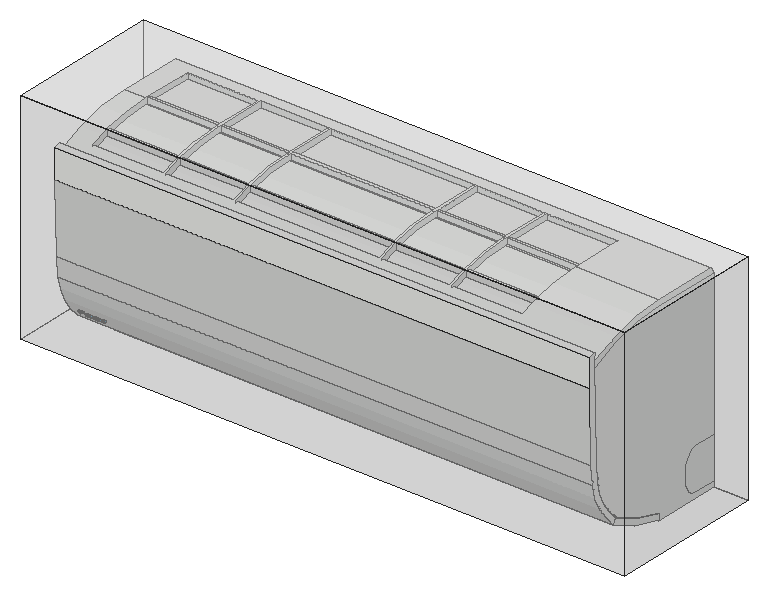
Revit family "outputfile", category 機械設備, Revit 2024
Family settings
  丸型コネクタ寸法 = 半径を使用
  パーツ タイプ = 標準
  OmniClass 番号 = 23.75.10.24.21.27.27
  OmniClass タイトル = Split System Air Conditioning Units
  作業面ベース = いいえ
  常に垂直 = はい
  ロード時にボイドで切り取り = いいえ
  注釈の向きを維持 = いいえ
  共有 = いいえ
  部屋計算ポイント = いいえ
Parameters (values of type "CTXM25RVMV")
  Description = ""
  書き出し IFC クラス(タイプ) = "IfcUnitaryEquipmentType"
  定義済み IFC タイプ(タイプ) = "AIRCONDITIONINGUNIT"
  Cost = 0
  Type Comments = ""
  Keynote = ""
  Type Image = (empty or 0)
  Assembly Code = ""
  w_wall hole = if(Width = 770.0 mm, 48.0 mm, 60.0 mm)  # 48.0 mm
  製造元 = "Daikin"
  モデル = "CTXM25RVMV"
  switch_frequency = yes
  r_Liquid Pipe Size = Liquid Pipe Size / 2  # 3.2 mm
  r_Gas Pipe Size = Gas Pipe Size / 2  # 4.75 mm
  r_Drain Pipe Size = Drain Pipe Size / 2  # 8.0 mm
  lw_powersupply [instance] = if(Width = 770.0 mm, if(or(Rear Right Connection_refrigerant, Bottom Right Connection_refrigerant), 25.0 mm, if(or(Rear Left Connection_refrigerant, Bottom Left Connection_refrigerant), 745.0 mm, 400.0 mm)), if(Width = 990.0 mm, if(or(Rear Right Connection_refrigerant, Bottom Right Connection_refrigerant), 40.0 mm, if(or(Rear Left Connection_refrigerant, Bottom Left Connection_refrigerant), 920.0 mm, 400.0 mm)), if(or(Rear Right Connection_refrigerant, Bottom Right Connection_refrigerant), 40.0 mm, if(or(Rear Left Connection_refrigerant, Bottom Left Connection_refrigerant), 920.0 mm, 400.0 mm))))  # 400.0 mm
  lw_liquidpipe [instance] = if(Width = 770.0 mm, if(or(Rear Right Connection_refrigerant, Bottom Right Connection_refrigerant), 0.0 mm, if(or(Rear Left Connection_refrigerant, Bottom Left Connection_refrigerant), 664.0 mm, 385.0 mm)), if(Width = 990.0 mm, if(or(Rear Right Connection_refrigerant, Bottom Right Connection_refrigerant), 0.0 mm, if(or(Rear Left Connection_refrigerant, Bottom Left Connection_refrigerant), 664.0 mm + (990.0 mm - 770.0 mm), 475.0 mm)), if(or(Rear Right Connection_refrigerant, Bottom Right Connection_refrigerant), 0.0 mm, if(or(Rear Left Connection_refrigerant, Bottom Left Connection_refrigerant), 664.0 mm + (990.0 mm - 770.0 mm), 475.0 mm))))  # 385.0 mm
  lw_gaspipe [instance] = if(Width = 770.0 mm, if(or(Rear Right Connection_refrigerant, Bottom Right Connection_refrigerant), 0.0 mm, if(or(Rear Left Connection_refrigerant, Bottom Left Connection_refrigerant), 675.0 mm, if(Gas Pipe Size = 12.7 mm, 345.0 mm, 335.0 mm))), if(Width = 990.0 mm, if(or(Rear Right Connection_refrigerant, Bottom Right Connection_refrigerant), 10.0 mm, if(or(Rear Left Connection_refrigerant, Bottom Left Connection_refrigerant), 890.0 mm, if(Gas Pipe Size = 15.9 mm, 410.0 mm, 400.0 mm))), if(or(Rear Right Connection_refrigerant, Bottom Right Connection_refrigerant), 10.0 mm, if(or(Rear Left Connection_refrigerant, Bottom Left Connection_refrigerant), 890.0 mm, if(Gas Pipe Size = 15.9 mm, 410.0 mm, 400.0 mm)))))  # 335.0 mm
  lw_drainpipe [instance] = if(Width = 770.0 mm, if(or(Rear Right Connection_refrigerant, Bottom Right Connection_refrigerant), 0.0 mm, if(or(Rear Left Connection_refrigerant, Bottom Left Connection_refrigerant), 770.0 mm - 48.0 mm - 48.0 mm, 440.0 mm)), if(Width = 990.0 mm, if(or(Rear Right Connection_refrigerant, Bottom Right Connection_refrigerant), 0.0 mm, if(or(Rear Left Connection_refrigerant, Bottom Left Connection_refrigerant), 675.0 mm + (990.0 mm - 770.0 mm), 435.0 mm)), if(or(Rear Right Connection_refrigerant, Bottom Right Connection_refrigerant), 0.0 mm, if(or(Rear Left Connection_refrigerant, Bottom Left Connection_refrigerant), 675.0 mm + (990.0 mm - 770.0 mm), 435.0 mm))))  # 440.0 mm
  l_powersupply_length [instance] = if(Width = 770.0 mm, if(Right Connection_refrigerant, 400.0 mm, if(Left Connection_refrigerant, 770.0 mm - 400.0 mm, if(or(Rear Left Connection_refrigerant, Rear Right Connection_refrigerant), 15.0 mm, 50.0 mm))), if(Width = 990.0 mm, if(Right Connection_refrigerant, 400.0 mm, if(Left Connection_refrigerant, 990.0 mm - 400.0 mm, if(or(Rear Left Connection_refrigerant, Rear Right Connection_refrigerant), 15.0 mm, 50.0 mm))), if(Right Connection_refrigerant, 400.0 mm, if(Left Connection_refrigerant, 990.0 mm - 400.0 mm, if(or(Rear Left Connection_refrigerant, Rear Right Connection_refrigerant), 15.0 mm, 50.0 mm)))))  # 400.0 mm
  l_liquidpipe_length [instance] = if(Width = 770.0 mm, if(Right Connection_refrigerant, 433.0 mm, if(Left Connection_refrigerant, 337.0 mm, if(or(Rear Left Connection_refrigerant, Rear Right Connection_refrigerant), 30.0 mm, 40.0 mm))), if(Width = 990.0 mm, if(Right Connection_refrigerant, 535.0 mm, if(Left Connection_refrigerant, 455.0 mm, if(or(Rear Left Connection_refrigerant, Rear Right Connection_refrigerant), 30.0 mm, 40.0 mm))), if(Right Connection_refrigerant, 535.0 mm, if(Left Connection_refrigerant, 455.0 mm, if(or(Rear Left Connection_refrigerant, Rear Right Connection_refrigerant), 30.0 mm, 40.0 mm)))))  # 433.0 mm
  l_gaspipe_length [instance] = if(Width = 770.0 mm, if(Right Connection_refrigerant, if(Gas Pipe Size = 12.7 mm, 393.0 mm, 383.0 mm), if(Left Connection_refrigerant, if(Gas Pipe Size = 12.7 mm, 770.0 mm - 393.0 mm, 770.0 mm - 383.0 mm), if(or(Rear Left Connection_refrigerant, Rear Right Connection_refrigerant), 40.0 mm, 50.0 mm))), if(Width = 990.0 mm, if(Right Connection_refrigerant, if(Gas Pipe Size = 15.9 mm, 470.0 mm, 460.0 mm), if(Left Connection_refrigerant, if(Gas Pipe Size = 15.9 mm, 990.0 mm - 470.0 mm, 990.0 mm - 460.0 mm), if(or(Rear Left Connection_refrigerant, Rear Right Connection_refrigerant), 40.0 mm, 50.0 mm))), if(Right Connection_refrigerant, if(Gas Pipe Size = 15.9 mm, 470.0 mm, 460.0 mm), if(Left Connection_refrigerant, if(Gas Pipe Size = 15.9 mm, 990.0 mm - 470.0 mm, 990.0 mm - 460.0 mm), if(or(Rear Left Connection_refrigerant, Rear Right Connection_refrigerant), 40.0 mm, 50.0 mm)))))  # 383.0 mm
  l_drainpipe_length [instance] = if(Width = 770.0 mm, if(Right Connection_refrigerant, 488.0 mm, if(Left Connection_refrigerant, 282.0 mm, if(or(Rear Left Connection_refrigerant, Rear Right Connection_refrigerant), 15.0 mm, 20.0 mm))), if(Width = 990.0 mm, if(Right Connection_refrigerant, 495.0 mm, if(Left Connection_refrigerant, 495.0 mm, if(or(Rear Left Connection_refrigerant, Rear Right Connection_refrigerant), 15.0 mm, 20.0 mm))), if(Right Connection_refrigerant, 495.0 mm, if(Left Connection_refrigerant, 495.0 mm, if(or(Rear Left Connection_refrigerant, Rear Right Connection_refrigerant), 15.0 mm, 20.0 mm)))))  # 488.0 mm
  h*** = 0.0 mm  # constant formula
  connector_voltage = Voltage_50Hz  # 230 V
  connector_powerinput = if([Power Input (Cooling)] > [Power Input (Heating)], [Power Input (Cooling)], [Power Input (Heating)])  # 0.000 kW
  connector_phase = Phase_50Hz  # 1
  angle_vertical [instance] = if(or(Bottom Left Connection_refrigerant, Bottom Right Connection_refrigerant), 0.00°, 90.00°)  # 90.00°
  angle_horizontal [instance] = if(Right Connection_refrigerant, 90.00°, if(Left Connection_refrigerant, -90.00°, if(or(Rear Left Connection_refrigerant, Rear Right Connection_refrigerant), 180.00°, 0.00°)))  # 90.00°
  Width = 770.0 mm
  Voltage_comment_50Hz = "220 - 240"
  Voltage_50Hz = 230 V
  Version = "ver.1.0"
  Unit Type = "Wall Mounted"
  Unit Mass Weight = 9.00 kg
  Unit Designation [instance] = ""
  Uniclass2015Version = "Products v1.30"
  Uniclass2015Title = "Split coil room air conditioning units"
  Uniclass2015Code = "Pr_70_65_03_86"
  URL = ""
  Total Heating Capacity [instance] = 0.000 kW
  Total Cooling Capacity [instance] = 0.000 kW
  Sound Pressure Level_M speed (dBA) = 32
  Sound Pressure Level_L speed (dBA) = 25
  Sound Pressure Level_H speed (dBA) = 40
  Sound Power Level_H speed (dB) = 0
  Series = "Multi Split_Fan Coil Unit"
  Sensible Cooling Capacity [instance] = 0.000 kW
  Refrigerant Type = "R32"
  Power Input (Heating) = 0.000 kW
  Power Input (Cooling) = 0.000 kW
  Phase_50Hz = 1
  Option Accessory 3 [instance] = ""
  Option Accessory 2 [instance] = ""
  Option Accessory 1 [instance] = ""
  Nominal Heating Capacity = 3.400 kW
  Nominal Cooling Capacity = 2.500 kW
  Minimum Circuit Amps_50Hz = 0.0 A
  Minimum Airflow = 342.00 m³/h
  Median Airflow = 432.00 m³/h
  Maximum Fuse Amps_50Hz = 0.0 A
  Maximum Airflow = 624.00 m³/h
  Material_Casing = DAIKIN_White_Casing_indoorunit
  Load Classification = HVAC
  Liquid Pipe Size = 6.4 mm
  Link_Nested Family [instance] = ""
  IfcVersion = ""
  IfcExportType = "AIRCONDITIONINGUNIT"
  IfcExportAs = "IfcUnitaryEquipmentType"
  Height = 285.0 mm
  Heating Entering Wet Bulb Temperature [instance] = 0.00 °C
  Heating Entering Dry Bulb Temperature [instance] = 0.00 °C
  Heating Ambient Wet Bulb Temperature [instance] = 0.00 °C
  Heating Ambient Dry Bulb Temperature [instance] = 0.00 °C
  Heat Exchanger Type = "Cross Fin Coil"
  Gas Pipe Size = 9.5 mm
  Frequency_50Hz = 50 Hz
  Fan Type = "Cross Flow Fan"
  Fan Drive = "Direct Drive"
  FCU Tag No. [instance] = ""
  Drain Pipe Size = 16.0 mm
  Design Supply Airflow [instance] = 0.00 m³/h
  Depth = 223.0 mm
  既定の高さ = 0.0 mm
  Cooling Entering Wet Bulb Temperature [instance] = 0.00 °C
  Cooling Entering Dry Bulb Temperature [instance] = 0.00 °C
  Cooling Ambient Wet Bulb Temperature [instance] = 0.00 °C
  Cooling Ambient Dry Bulb Temperature [instance] = 0.00 °C
  Clearance visibility [instance] = yes
  Clearance Top = 30.0 mm
  Clearance Right = 50.0 mm
  Clearance Rear = 0.0 mm
  Clearance Left = 50.0 mm
  Clearance Front = 0.0 mm
  Clearance Bottom = 0.0 mm
  Bottom Right Connection_refrigerant [instance] = no
  Bottom Left Connection_refrigerant [instance] = no
  Rear Right Connection_refrigerant [instance] = no
  Rear Left Connection_refrigerant [instance] = no
  Right Connection_refrigerant [instance] = yes
  Left Connection_refrigerant [instance] = no
Reference planes
  plane 1 "Back": y = 0
  plane 2: z = 0
  plane 3 "Center (Left/Right)": x = 0
  plane 4 "Center (Front/Back)": y = -111.5
  plane 5 "Front": y = -223
  plane 6 "Left": x = -385
  plane 7 "Right": x = 385
  plane 8 "Top": z = 0
  plane 9 "Bottom": z = -285
  plane 10: x = -435
  plane 11: x = 435
  plane 12: y = 0
  plane 13: y = -223
  plane 14: z = 30
  plane 15: z = -285
  plane 16 "lw_Piping and Wiring intake": x = 337
  plane 17 "lw_gaspipe": x = 2
  plane 18 "lw_liquidpipe": x = -48
  plane 19 "lw_drainpipe": x = -103
  plane 20 "lh_drainpipe": z = -265
  plane 21 "lh_liquidpipe": z = -245
  plane 22 "lh_gaspipe": z = -235
  plane 23 "ld_drainpipe": y = -15
  plane 24 "ld_liquidpipe": y = -30
  plane 25 "ld_gaspipe": y = -40
  plane 26 "lw_powersupply": x = -15
Dimensions and locks
  equal spacing: plane 6 "Left", plane 3 "Center (Left/Right)", plane 7 "Right"
  "Width": plane 6 "Left" to plane 7 "Right"
  equal spacing: plane 5 "Front", plane 4 "Center (Front/Back)", plane 1 "Back"
  "Depth": plane 5 "Front" to plane 1 "Back"
  "Height": plane 8 "Top" to plane 9 "Bottom"
  "Clearance Rear": plane 12 to plane 1 "Back"
  "Clearance Front": plane 13 to plane 5 "Front"
  "Clearance Top": plane 14 to plane 8 "Top"
  "Clearance Bottom": plane 9 "Bottom" to plane 15
  "w_wall hole": plane 16 "lw_Piping and Wiring intake" to plane 7 "Right"
  "lw_gaspipe": plane 17 "lw_gaspipe" to plane 16 "lw_Piping and Wiring intake"
  "lw_liquidpipe": plane 18 "lw_liquidpipe" to plane 16 "lw_Piping and Wiring intake"
  "lw_drainpipe": plane 19 "lw_drainpipe" to plane 16 "lw_Piping and Wiring intake"
  locked: plane 20 "lh_drainpipe" to plane 9 "Bottom" at 20
  locked: plane 21 "lh_liquidpipe" to plane 9 "Bottom" at 40
  locked: plane 22 "lh_gaspipe" to plane 9 "Bottom" at 50
  locked: plane 23 "ld_drainpipe" to plane 1 "Back" at 15
  locked: plane 1 "Back" to plane 24 "ld_liquidpipe" at 30
  locked: plane 1 "Back" to plane 25 "ld_gaspipe" at 40
  "lw_powersupply": plane 26 "lw_powersupply" to plane 7 "Right"
  "Clearance Left": plane 10 to plane 6 "Left"
  "Clearance Right": plane 7 "Right" to plane 11
  aligned and locked: level to plane 2
  aligned and locked: plane 12 to nested 1
  aligned and locked: nested 1 to plane 13
  aligned and locked: plane 10 to nested 1
  aligned and locked: plane 11 to nested 1
  aligned and locked: plane 15 to nested 1
  aligned and locked: plane 14 to nested 1
  aligned and locked: plane 17 "lw_gaspipe" to nested 2
  aligned and locked: nested 2 to plane 25 "ld_gaspipe"
  aligned and locked: plane 18 "lw_liquidpipe" to nested 3
  aligned and locked: nested 3 to plane 24 "ld_liquidpipe"
  aligned and locked: plane 19 "lw_drainpipe" to nested 4
  aligned and locked: nested 4 to plane 23 "ld_drainpipe"
  aligned and locked: nested 5 to plane 23 "ld_drainpipe"
  aligned and locked: plane 26 "lw_powersupply" to nested 5
  aligned and locked: level to plane 8 "Top"
  aligned and locked: plane 3 "Center (Left/Right)" to nested 6
  aligned and locked: plane 1 "Back" to nested 6
  aligned and locked: plane 8 "Top" to nested 6
Nested families
  nested 1: "daikin_clearancespace" at (0, -111.5, -127.381), show <- "Clearance visibility", visible <- "Clearance visibility", Link_Nested Family <- "Link_Nested Family", type "daikin_clearancespace"
    with width 870.0 mm, show yes, height 315.0 mm, depth 223.0 mm, Link_Nested Family ""
  nested 2: "daikin_connector_rotate3" at (2, -40, -235), angle_vertical <- "angle_vertical", angle_horizontal <- "angle_horizontal", length <- "l_gaspipe_length", radius <- "r_Gas Pipe Size", type "daikin_connector_rotate3"
    with show no, radius 4.75 mm, length 383.0 mm, angle_vertical 90.00°, angle_horizontal 90.00°
  nested 3: "daikin_connector_rotate3" at (-48, -30, -245), angle_vertical <- "angle_vertical", angle_horizontal <- "angle_horizontal", radius <- "r_Liquid Pipe Size", length <- "l_liquidpipe_length", type "daikin_connector_rotate3"
    with show no, radius 3.2 mm, length 433.0 mm, angle_vertical 90.00°, angle_horizontal 90.00°
  nested 4: "daikin_connector_rotate3" at (-103, -15, -265), angle_vertical <- "angle_vertical", angle_horizontal <- "angle_horizontal", length <- "l_drainpipe_length", radius <- "r_Drain Pipe Size", type "daikin_connector_rotate3"
    with show no, radius 8.0 mm, length 488.0 mm, angle_vertical 90.00°, angle_horizontal 90.00°
  nested 5: "daikin_connector_rotate3" at (-15, -15, -235), angle_vertical <- "angle_vertical", angle_horizontal <- "angle_horizontal", length <- "l_powersupply_length", type "daikin_connector_rotate3"
    with show no, radius 10.0 mm, length 400.0 mm, angle_vertical 90.00°, angle_horizontal 90.00°
  nested 6: "DAIKIN_indoorunit_CTXM-RVMV" at (-31, 0, 0), type "CTXM-RVMV"
Connectors
  piping at (385, -40, -235), diameter 9.5, driven by "r_Gas Pipe Size"
    settings: on nested 2, index 1, connector inside diameter 609.6 mm, connector length 0.0 mm, flow factor 0, pipe flow 0.00 m³/h, pressure drop 0.0 Pa, fitting loss kfactor 0, connector angle 0.00°, fixture units 0, engagement length 0.0 mm, angle of deflection 0.00°, flow configuration 1, flow direction 2, fitting loss method 0, system type 29, joint type 0, gender type 0, connector reference index -1, connector utility 0, adjustable connector no, is connector primary yes, connector description "Refrigerant Gas Piping"
  piping at (385, -30, -245), diameter 6.4, driven by "r_Liquid Pipe Size"
    settings: on nested 3, index 2, connector inside diameter 609.6 mm, connector length 0.0 mm, flow factor 0, pipe flow 0.00 m³/h, pressure drop 0.0 Pa, fitting loss kfactor 0, connector angle 0.00°, fixture units 0, engagement length 0.0 mm, angle of deflection 0.00°, flow configuration 1, flow direction 1, fitting loss method 0, system type 29, joint type 0, gender type 0, connector reference index -1, connector utility 0, adjustable connector no, is connector primary no, connector description "Refrigerant Liquid Piping"
  piping at (385, -15, -265), diameter 16, driven by "r_Drain Pipe Size"
    settings: on nested 4, index 3, connector inside diameter 609.6 mm, connector length 0.0 mm, flow factor 0, pipe flow 0.00 m³/h, pressure drop 0.0 Pa, fitting loss kfactor 0, connector angle 0.00°, fixture units 0, engagement length 0.0 mm, angle of deflection 0.00°, flow configuration 1, flow direction 2, fitting loss method 4, system type 16, joint type 0, gender type 0, connector reference index -1, connector utility 0, adjustable connector no, is connector primary no, connector description "Condensate Drain Piping"
  electrical at (385, -15, -235), driven by "Load Classification", driven by "connector_voltage", driven by "connector_powerinput", driven by "connector_phase"
    settings: on nested 5, index 4, voltage 230 V, apparent load 0 VA, apparent load phase1 0 VA, apparent load phase2 0 VA, apparent load phase3 0 VA, power factor 1, load classification "HVAC", number of poles 1, system type 30, power factor state 1, is connector primary yes, connector utility no, sub classification motor no, connector description "Power Supply"
Definition of nested family "daikin_clearancespace"
  Parameters (values of type "daikin_clearancespace")
    Description = "daikin_clearancespace"
    width [instance] = 1823.963 mm
    show [instance] = yes
    material = none
    height [instance] = 1359.762 mm
    depth [instance] = 880.0 mm
    Default Elevation = 0.0 mm
    Link_Nested Family [instance] = ""
  Reference planes
    plane 1 "Center (Front/Back)": y = 0
    plane 2 "Center (Elevation)": z = -0.119
    plane 3 "Center (Left/Right)": x = 0
    plane 4: y = 440
    plane 5: y = -440
    plane 6 "Right": x = 911.982
    plane 7 "Left": x = -911.982
    plane 8 "Top": z = 679.762
    plane 9 "Bottom": z = -680
  Forms (mm)
    Extrusion 1, solid, material <- "material", visible <- "show"
      sketch origin (0, 0, 0) x (1, 0, 0) y (0, 1, 0)
        loop
          line (-911.982, 440) -> (-911.982, -440) -> (911.982, -440) -> (911.982, 440) -> (-911.982, 440)
      from -680 to 679.762
  Lines and regions (mm)
    symbolic lines, visible <- "show"
      curve 1: line (911.982, 440, 0) -> (-911.982, 440, 0)
      curve 2: line (-911.982, 440, 0) -> (-911.982, -440, 0)
      curve 3: line (-911.982, -440, 0) -> (911.982, -440, 0)
      curve 4: line (911.982, -440, 0) -> (911.982, 440, 0)
      curve 5: line (911.982, 0, 679.762) -> (-911.982, 0, 679.762)
      curve 6: line (911.982, 0, -680) -> (911.982, 0, 679.762)
      curve 7: line (-911.982, 0, -680) -> (911.982, 0, -680)
      curve 8: line (-911.982, 0, 679.762) -> (-911.982, 0, -680)
      curve 9: line (0, 440, 679.762) -> (0, -440, 679.762)
      curve 10: line (0, -440, 679.762) -> (0, -440, -680)
      curve 11: line (0, 440, -680) -> (0, 440, 679.762)
      curve 12: line (0, -440, -680) -> (0, 440, -680)
  Dimensions and locks
    "width": plane 7 "Left" to plane 6 "Right"
    "depth": plane 4 to plane 5
    "height": plane 8 "Top" to plane 9 "Bottom"
    equal spacing: plane 7 "Left", plane 3 "Center (Left/Right)", plane 6 "Right"
    equal spacing: plane 4, plane 1 "Center (Front/Back)", plane 5
    equal spacing: plane 8 "Top", plane 2 "Center (Elevation)", plane 9 "Bottom"
    aligned and locked: level to plane 2 "Center (Elevation)"
    aligned and locked: Extrusion 1 sketch curve to plane 4
    aligned and locked: plane 7 "Left" to Extrusion 1 sketch curve
    aligned and locked: Extrusion 1 sketch curve to plane 5
    aligned and locked: Extrusion 1 sketch curve to plane 6 "Right"
    aligned and locked: plane 8 "Top" to Extrusion 1
    aligned and locked: curve 1 to Extrusion 1
    aligned and locked: curve 2 to Extrusion 1
    aligned and locked: curve 3 to Extrusion 1
    aligned and locked: curve 4 to Extrusion 1
    aligned and locked: curve 5 to Extrusion 1
    aligned and locked: curve 6 to Extrusion 1
    aligned and locked: curve 7 to Extrusion 1
    aligned and locked: curve 8 to Extrusion 1
    aligned and locked: curve 9 to Extrusion 1
    aligned and locked: curve 10 to Extrusion 1
    aligned and locked: curve 11 to Extrusion 1
    aligned and locked: curve 12 to Extrusion 1
    aligned and locked: Extrusion 1 to plane 9 "Bottom"
Definition of nested family "DAIKIN_indoorunit_CTXM-RVMV"
  Parameters (values of type "CTKM-RVMV")
    switch_unit1_50-71 = Width = 990.0 mm  # no
    switch_unit1_25-35 = Width = 770.0 mm  # yes
    Width = 770.0 mm
    WALL HOLE-R = if(Width = 770.0 mm, 48.0 mm, 60.0 mm)  # 48.0 mm
    WALL HOLE Size = if(Width = 770.0 mm, 65.0 mm, 80.0 mm)  # 65.0 mm
    Material_Casing = none
    Height = if(Width = 770.0 mm, 285.0 mm, 295.0 mm)  # 285.0 mm
    Default Elevation = 0.0 mm
  Reference planes
    plane 1 "Center (Front/Back)": y = 0
    plane 2 "reference_level": z = 0
    plane 3 "Center (Left/Right)": x = 31
    plane 4: x = -354
    plane 5: x = 416
    plane 6: z = -285
  Forms (mm)
    Extrusion 1, solid, material <- "Material_Casing", visible <- "switch_unit1_25-35"
      sketch origin (29, 0, 0) x (0, 1, 0) y (0, 0, 1)
        loop
          line (-5, 0) -> (-98, 0)
          arc (-98, 0) -> (-157.611, -7.211) -> (-213.783, -28.427) r 250
          arc (-213.783, -28.427) -> (-213.842, -32.972) -> (-213.892, -37.516) r 2191
          arc (-213.892, -37.516) -> (-157.832, -15.495) -> (-98.07, -8) r 242
          line (-98.07, -8) -> (0, -8) -> (-5, 0)
      from -383 to 387
    Extrusion 2, solid, material <- "Material_Casing", visible <- "switch_unit1_25-35"
      sketch origin (416, 1296.25, 1200) x (0, 1, 0) y (0, 0, 1)
        loop
          line (-1472.998, -1446.91) -> (-1476.998, -1453.839)
          arc (-1476.998, -1453.839) -> (-1437.481, -1472.422) -> (-1395.25, -1483.538) r 240
          line (-1395.25, -1483.538) -> (-1395.25, -1475.422)
          arc (-1395.25, -1475.422) -> (-1435.407, -1464.663) -> (-1472.998, -1446.91) r 232
      from 0 to -47.5
    Extrusion 3, solid, material <- "Material_Casing", visible <- "switch_unit1_25-35"
      sketch origin (29, 0, 0) x (0, 1, 0) y (0, 0, 1)
        loop
          arc (-223, -60.455) -> (-222.414, -110.646) -> (-220.656, -160.81) r 2149.92
          arc (-220.656, -160.81) -> (-219.65, -174.299) -> (-217.853, -187.706) r 229.911
          arc (-217.853, -187.706) -> (-205.371, -223.594) -> (-181.517, -253.17) r 111
          line (-181.517, -253.17) -> (-177.429, -246.093)
          arc (-177.429, -246.093) -> (-198.77, -218.989) -> (-209.965, -186.36) r 103
          arc (-209.965, -186.36) -> (-211.681, -173.586) -> (-212.651, -160.735) r 221.844
          arc (-212.651, -160.735) -> (-214.739, -93.233) -> (-214.74, -25.699) r 2186.828
          arc (-214.74, -25.699) -> (-214.671, -21.467) -> (-214.594, -17.235) r 2192
          line (-214.594, -17.235) -> (-223, -19.961) -> (-223, -60.455)
      from -383 to 387
    Extrusion 4, solid, material <- "Material_Casing", visible <- "switch_unit1_25-35"
      sketch origin (29, 0, -20) x (0, 1, 0) y (0, 0, 1)
        loop
          line (0, -265) -> (0, 12) -> (-98.07, 12)
          arc (-98.07, 12) -> (-157.832, 4.505) -> (-213.892, -17.516) r 242
          arc (-213.892, -17.516) -> (-213.638, -79.114) -> (-211.653, -140.681) r 2191
          arc (-211.653, -140.681) -> (-210.685, -153.501) -> (-208.973, -166.243) r 221
          arc (-208.973, -166.243) -> (-197.471, -199.282) -> (-175.482, -226.491) r 102
          arc (-175.482, -226.491) -> (-138.004, -244.019) -> (-98, -254.579) r 231
          line (-98, -254.579) -> (-98, -265) -> (0, -265)
      from -383 to 387
    Extrusion 5, solid, material <- "Material_Casing", visible <- "switch_unit1_25-35"
      sketch origin (-354, 1296.25, 1200) x (0, 1, 0) y (0, 0, 1)
        loop
          line (-1472.998, -1446.91) -> (-1476.998, -1453.839)
          arc (-1476.998, -1453.839) -> (-1437.481, -1472.422) -> (-1395.25, -1483.538) r 240
          line (-1395.25, -1483.538) -> (-1395.25, -1475.422)
          arc (-1395.25, -1475.422) -> (-1435.407, -1464.663) -> (-1472.998, -1446.91) r 232
      from 47 to 0
    Extrusion 6, solid, material <- "Material_Casing", visible <- "switch_unit1_25-35"
      sketch origin (416, 1296.25, 1200) x (0, 1, 0) y (0, 0, 1)
        loop
          line (-1472.998, -1446.91) -> (-1476.998, -1453.839)
          arc (-1476.998, -1453.839) -> (-1443.437, -1470.168) -> (-1407.75, -1481.097) r 240
          line (-1407.75, -1481.097) -> (-1407.75, -1472.894)
          arc (-1407.75, -1472.894) -> (-1441.363, -1462.385) -> (-1472.998, -1446.91) r 232
      from -116.993 to -48.493
    Extrusion 7, solid, material <- "Material_Casing", visible <- "switch_unit1_25-35"
      sketch origin (416, 1296.25, 1200) x (0, 1, 0) y (0, 0, 1)
        loop
          line (-1472.998, -1446.91) -> (-1476.998, -1453.839)
          arc (-1476.998, -1453.839) -> (-1443.437, -1470.168) -> (-1407.75, -1481.097) r 240
          line (-1407.75, -1481.097) -> (-1407.75, -1472.894)
          arc (-1407.75, -1472.894) -> (-1441.363, -1462.385) -> (-1472.998, -1446.91) r 232
      from -717 to -121.993
    Extrusion 8, void
      sketch origin (31, 0, -235) x (1, 0, 0) y (0, 1, 0)
        loop
          line (-252.674, -22.316) -> (-354.941, -22.316) -> (-354.941, -91.341) -> (-252.674, -91.341) -> (-252.674, -22.316)
        loop
          line (-249.341, -91.341) -> (-151.574, -91.341) -> (-151.574, -22.316) -> (-249.341, -22.316) -> (-249.341, -91.341)
        loop
          line (58.309, -22.316) -> (-148.309, -22.316) -> (-148.309, -91.341) -> (58.309, -91.341) -> (58.309, -22.316)
        loop
          line (61.689, -22.316) -> (61.689, -91.341) -> (159.457, -91.341) -> (159.457, -22.316) -> (61.689, -22.316)
        loop
          line (162.789, -22.316) -> (162.789, -91.341) -> (265.057, -91.341) -> (265.057, -22.316) -> (162.789, -22.316)
        loop
          line (-354.941, -94.659) -> (-354.941, -165.259) -> (-252.674, -165.259) -> (-252.674, -94.659) -> (-354.941, -94.659)
        loop
          line (-249.341, -94.659) -> (-249.341, -165.259) -> (-151.574, -165.259) -> (-151.574, -94.659) -> (-249.341, -94.659)
        loop
          line (-148.309, -94.659) -> (-148.309, -165.259) -> (58.309, -165.259) -> (58.309, -94.659) -> (-148.309, -94.659)
        loop
          line (61.689, -94.659) -> (61.689, -165.259) -> (159.457, -165.259) -> (159.457, -94.659) -> (61.689, -94.659)
        loop
          line (162.789, -94.659) -> (162.789, -165.259) -> (265.057, -165.259) -> (265.057, -94.659) -> (162.789, -94.659)
        loop
          line (-354.941, -167.382) -> (-354.941, -192.681) -> (-252.674, -192.681) -> (-252.674, -167.382) -> (-354.941, -167.382)
        loop
          line (-249.341, -167.382) -> (-249.341, -192.681) -> (-151.574, -192.681) -> (-151.574, -167.382) -> (-249.341, -167.382)
        loop
          line (-148.309, -167.382) -> (-148.309, -192.681) -> (58.309, -192.681) -> (58.309, -167.382) -> (-148.309, -167.382)
        loop
          line (159.457, -167.382) -> (61.689, -167.382) -> (61.689, -192.681) -> (159.457, -192.681) -> (159.457, -167.382)
        loop
          line (265.057, -167.382) -> (162.789, -167.382) -> (162.789, -192.681) -> (265.057, -192.681) -> (265.057, -167.382)
      from 201.638 to 250
    Extrusion 9, solid, material <- "Material_Casing"
      sketch origin (31, 0, 0) x (1, 0, 0) y (0, 0, 1)
        loop
          circle (337, -240.5) r 32.5
        loop
          circle (-337, -240.5) r 32.5
      from 0 to 5
    Extrusion 10, solid, material <- "Material_Casing", visible <- "switch_unit1_25-35"
      sketch origin (416, 1296.25, 1200) x (0, -1, 0) y (0, 0, 1)
        loop
          line (1326.25, -1417) -> (1296.25, -1417) -> (1296.25, -1477) -> (1326.25, -1477)
          arc (1326.25, -1477) -> (1340.393, -1471.142) -> (1346.25, -1457) r 20
          line (1346.25, -1457) -> (1346.25, -1437)
          arc (1346.25, -1437) -> (1340.393, -1422.858) -> (1326.25, -1417) r 20
      from 0 to 5
    Extrusion 11, solid, material <- "Material_Casing", visible <- "switch_unit1_25-35"
      sketch origin (-354, 1296.25, 1200) x (0, 1, 0) y (0, 0, 1)
        loop
          line (-1296.25, -1417) -> (-1326.25, -1417)
          arc (-1326.25, -1417) -> (-1340.393, -1422.858) -> (-1346.25, -1437) r 20
          line (-1346.25, -1437) -> (-1346.25, -1457)
          arc (-1346.25, -1457) -> (-1340.393, -1471.142) -> (-1326.25, -1477) r 20
          line (-1326.25, -1477) -> (-1296.25, -1477) -> (-1296.25, -1417)
      from 0 to 5
    Extrusion 12, solid, material <- "Material_Casing", visible <- "switch_unit1_25-35"
      sketch origin (31, 0, -285) x (-1, 0, 0) y (0, -1, 0)
        loop
          line (-314, 0) -> (-314, 30)
          arc (-314, 30) -> (-319.858, 44.142) -> (-334, 50) r 20
          line (-334, 50) -> (-354, 50)
          arc (-354, 50) -> (-368.142, 44.142) -> (-374, 30) r 20
          line (-374, 30) -> (-374, 0) -> (-314, 0)
        loop
          line (374, 0) -> (374, 30)
          arc (374, 30) -> (368.142, 44.142) -> (354, 50) r 20
          line (354, 50) -> (334, 50)
          arc (334, 50) -> (319.858, 44.142) -> (314, 30) r 20
          line (314, 30) -> (314, 0) -> (374, 0)
      from 0 to 5
    Extrusion 13, solid, material <- "Material_Casing", visible <- "switch_unit1_50-71"
      sketch origin (31, 0, 0) x (0, 1, 0) y (0, 0, 1)
        loop
          line (-5, 0) -> (-138, 0)
          arc (-138, 0) -> (-197.611, -7.211) -> (-253.783, -28.427) r 250
          arc (-253.783, -28.427) -> (-253.838, -32.687) -> (-253.886, -36.946) r 2191
          arc (-253.886, -36.946) -> (-197.73, -15.346) -> (-138.014, -8) r 246.393
          line (-138.014, -8) -> (0, -8) -> (-5, 0)
      from -495 to 495
    Extrusion 14, solid, material <- "Material_Casing", visible <- "switch_unit1_50-71"
      sketch origin (418, 1296.25, 1200) x (0, 1, 0) y (0, 0, 1)
        loop
          arc (-1515.208, -1454.149) -> (-1506.856, -1460.599) -> (-1497.925, -1466.219) r 110
          arc (-1497.925, -1466.219) -> (-1445.718, -1487.493) -> (-1389.844, -1494.995) r 223
          line (-1389.844, -1494.995) -> (-1389.844, -1486.086) -> (-1404.386, -1486.086)
          arc (-1404.386, -1486.086) -> (-1449.542, -1477.46) -> (-1491.818, -1459.402) r 214.289
          arc (-1491.818, -1459.402) -> (-1501.056, -1453.541) -> (-1509.606, -1446.715) r 101
          line (-1509.606, -1446.715) -> (-1515.208, -1454.149)
      from 108 to 57.5
    Extrusion 15, solid, material <- "Material_Casing", visible <- "switch_unit1_50-71"
      sketch origin (31, 0, 0) x (0, 1, 0) y (0, 0, 1)
        loop
          line (-263, -19.962) -> (-263, -61.6)
          arc (-263, -61.6) -> (-262.414, -110.219) -> (-260.656, -158.81) r 2017.341
          arc (-260.656, -158.81) -> (-255.648, -191.935) -> (-244.041, -223.362) r 164.725
          arc (-244.041, -223.362) -> (-233.569, -239.793) -> (-219.717, -253.495) r 87.379
          line (-219.717, -253.495) -> (-214.706, -246.846)
          arc (-214.706, -246.846) -> (-229.564, -230.029) -> (-240.385, -210.371) r 102
          arc (-240.385, -210.371) -> (-249.049, -182.962) -> (-252.848, -154.467) r 165.789
          arc (-252.848, -154.467) -> (-254.771, -90.102) -> (-254.74, -25.708) r 2122.533
          arc (-254.74, -25.708) -> (-254.671, -21.469) -> (-254.594, -17.23) r 2192
          line (-254.594, -17.23) -> (-263, -19.962)
      from -495 to 495
    Extrusion 16, void
      sketch origin (33, 0, 0) x (1, 0, 0) y (0, 1, 0)
        loop
          line (-466.909, -22.316) -> (-466.909, -111.341) -> (-366.303, -111.341) -> (-366.303, -22.316) -> (-466.909, -22.316)
        loop
          line (-362.71, -22.316) -> (-362.71, -111.341) -> (-262.103, -111.341) -> (-262.103, -22.316) -> (-362.71, -22.316)
        loop
          line (-258.51, -22.316) -> (-258.51, -111.341) -> (-157.904, -111.341) -> (-157.904, -22.316) -> (-258.51, -22.316)
        loop
          line (-154.31, -22.316) -> (-154.31, -111.341) -> (-53.704, -111.341) -> (-53.704, -22.316) -> (-154.31, -22.316)
        loop
          line (-50.11, -22.316) -> (-50.11, -111.341) -> (50.496, -111.341) -> (50.496, -22.316) -> (-50.11, -22.316)
        loop
          line (54.089, -22.316) -> (54.089, -111.341) -> (154.696, -111.341) -> (154.696, -22.316) -> (54.089, -22.316)
        loop
          line (158.289, -22.316) -> (158.289, -111.341) -> (258.895, -111.341) -> (258.895, -22.316) -> (158.289, -22.316)
        loop
          line (262.489, -22.316) -> (262.489, -111.341) -> (363.095, -111.341) -> (363.095, -22.316) -> (262.489, -22.316)
        loop
          line (-466.909, -114.459) -> (-466.909, -185.059) -> (-366.303, -185.059) -> (-366.303, -114.459) -> (-466.909, -114.459)
        loop
          line (-362.71, -114.459) -> (-362.71, -185.059) -> (-262.103, -185.059) -> (-262.103, -114.459) -> (-362.71, -114.459)
        loop
          line (-258.51, -114.459) -> (-258.51, -185.059) -> (-157.904, -185.059) -> (-157.904, -114.459) -> (-258.51, -114.459)
        loop
          line (-154.31, -114.459) -> (-154.31, -185.059) -> (-53.704, -185.059) -> (-53.704, -114.459) -> (-154.31, -114.459)
        loop
          line (-50.11, -114.459) -> (-50.11, -185.059) -> (50.496, -185.059) -> (50.496, -114.459) -> (-50.11, -114.459)
        loop
          line (54.089, -114.459) -> (54.089, -185.059) -> (154.696, -185.059) -> (154.696, -114.459) -> (54.089, -114.459)
        loop
          line (158.289, -114.459) -> (158.289, -185.059) -> (258.895, -185.059) -> (258.895, -114.459) -> (158.289, -114.459)
        loop
          line (262.489, -114.459) -> (262.489, -185.059) -> (363.095, -185.059) -> (363.095, -114.459) -> (262.489, -114.459)
        loop
          line (-466.909, -187.382) -> (-466.909, -232.681) -> (-366.303, -232.681) -> (-366.303, -187.382) -> (-466.909, -187.382)
        loop
          line (-362.71, -187.382) -> (-362.71, -232.681) -> (-262.103, -232.681) -> (-262.103, -187.382) -> (-362.71, -187.382)
        loop
          line (-258.51, -187.382) -> (-258.51, -232.681) -> (-157.904, -232.681) -> (-157.904, -187.382) -> (-258.51, -187.382)
        loop
          line (-154.31, -187.382) -> (-154.31, -232.681) -> (-53.704, -232.681) -> (-53.704, -187.382) -> (-154.31, -187.382)
        loop
          line (-50.11, -187.382) -> (-50.11, -232.681) -> (50.496, -232.681) -> (50.496, -187.382) -> (-50.11, -187.382)
        loop
          line (54.089, -187.382) -> (54.089, -232.681) -> (154.696, -232.681) -> (154.696, -187.382) -> (54.089, -187.382)
        loop
          line (158.289, -187.382) -> (158.289, -232.681) -> (258.895, -232.681) -> (258.895, -187.382) -> (158.289, -187.382)
        loop
          line (262.489, -187.382) -> (262.489, -232.681) -> (363.095, -232.681) -> (363.095, -187.382) -> (262.489, -187.382)
      from -40.013 to 47.268
    Extrusion 17, solid, material <- "Material_Casing", visible <- "switch_unit1_50-71"
      sketch origin (-356, 1296.25, 1200) x (0, 1, 0) y (0, 0, -1)
        loop
          line (-1515.208, 1454.149) -> (-1509.606, 1446.715)
          arc (-1509.606, 1446.715) -> (-1501.056, 1453.541) -> (-1491.818, 1459.402) r 101
          arc (-1491.818, 1459.402) -> (-1449.542, 1477.46) -> (-1404.386, 1486.086) r 214.289
          line (-1404.386, 1486.086) -> (-1389.844, 1486.086) -> (-1389.844, 1494.995)
          arc (-1389.844, 1494.995) -> (-1445.718, 1487.493) -> (-1497.925, 1466.219) r 223
          arc (-1497.925, 1466.219) -> (-1506.856, 1460.599) -> (-1515.208, 1454.149) r 110
      from 108 to 61
    Extrusion 18, solid, material <- "Material_Casing", visible <- "switch_unit1_50-71"
      sketch origin (418, 1296.25, 1200) x (0, 1, 0) y (0, 0, 1)
        loop
          arc (-1515.208, -1454.149) -> (-1506.856, -1460.599) -> (-1497.925, -1466.219) r 110
          arc (-1497.925, -1466.219) -> (-1463.185, -1482.066) -> (-1426.25, -1491.755) r 223
          line (-1426.25, -1491.755) -> (-1426.25, -1483.166)
          arc (-1426.25, -1483.166) -> (-1460.008, -1473.969) -> (-1491.818, -1459.402) r 214.289
          arc (-1491.818, -1459.402) -> (-1501.056, -1453.541) -> (-1509.606, -1446.715) r 101
          line (-1509.606, -1446.715) -> (-1515.208, -1454.149)
      from 56.5 to -36.993
    Extrusion 19, solid, material <- "Material_Casing", visible <- "switch_unit1_50-71"
      sketch origin (418, 1296.25, 1200) x (0, 1, 0) y (0, 0, 1)
        loop
          arc (-1426.25, -1483.166) -> (-1443.442, -1479.224) -> (-1460.25, -1473.881) r 214.289
          line (-1460.25, -1473.881) -> (-1460.25, -1483.089)
          arc (-1460.25, -1483.089) -> (-1443.421, -1488.091) -> (-1426.25, -1491.755) r 223
          line (-1426.25, -1491.755) -> (-1426.25, -1483.166)
      from -43.493 to -828.893
    Extrusion 20, solid, material <- "Material_Casing", visible <- "switch_unit1_50-71"
      sketch origin (418, 1296.25, 1200) x (0, 1, 0) y (0, 0, 1)
        loop
          arc (-1515.208, -1454.149) -> (-1506.856, -1460.599) -> (-1497.925, -1466.219) r 110
          arc (-1497.925, -1466.219) -> (-1479.479, -1475.527) -> (-1460.25, -1483.089) r 223
          line (-1460.25, -1483.089) -> (-1460.25, -1473.881)
          arc (-1460.25, -1473.881) -> (-1476.328, -1467.282) -> (-1491.818, -1459.402) r 214.289
          arc (-1491.818, -1459.402) -> (-1501.056, -1453.541) -> (-1509.606, -1446.715) r 101
          line (-1509.606, -1446.715) -> (-1515.208, -1454.149)
      from -43.493 to -828.893
    Extrusion 21, solid, material <- "Material_Casing", visible <- "switch_unit1_50-71"
      sketch origin (31, 0, -30) x (0, 1, 0) y (0, 0, 1)
        loop
          line (0, 22) -> (-138.014, 22)
          arc (-138.014, 22) -> (-197.73, 14.654) -> (-253.886, -6.946) r 246.393
          arc (-253.886, -6.946) -> (-253.682, -65.635) -> (-251.855, -124.295) r 2120.935
          arc (-251.855, -124.295) -> (-248.086, -152.682) -> (-239.461, -179.988) r 164.789
          arc (-239.461, -179.988) -> (-228.903, -199.231) -> (-214.437, -215.738) r 101
          line (-214.437, -215.738) -> (-212.406, -216.221)
          arc (-212.406, -216.221) -> (-204.07, -222.837) -> (-195.079, -228.53) r 100
          arc (-195.079, -228.53) -> (-145.557, -248.629) -> (-92.593, -255.785) r 213.289
          line (-92.593, -255.785) -> (-92.593, -265) -> (0, -265) -> (0, 22)
      from -495 to 495
    Extrusion 22, solid, material <- "Material_Casing", visible <- "switch_unit1_50-71"
      sketch origin (526, 1296.25, 1200) x (0, -1, 0) y (0, 0, 1)
        loop
          line (1326.25, -1427.035) -> (1296.25, -1427.035) -> (1296.25, -1487.035) -> (1326.25, -1487.035)
          arc (1326.25, -1487.035) -> (1340.393, -1481.177) -> (1346.25, -1467.035) r 20
          line (1346.25, -1467.035) -> (1346.25, -1447.035)
          arc (1346.25, -1447.035) -> (1340.393, -1432.892) -> (1326.25, -1427.035) r 20
      from 0 to 5
    Extrusion 23, solid, material <- "Material_Casing", visible <- "switch_unit1_50-71"
      sketch origin (-459, 1296.25, 1200) x (0, -1, 0) y (0, 0, 1)
        loop
          line (1326.25, -1427.035) -> (1296.25, -1427.035) -> (1296.25, -1487.035) -> (1326.25, -1487.035)
          arc (1326.25, -1487.035) -> (1340.393, -1481.177) -> (1346.25, -1467.035) r 20
          line (1346.25, -1467.035) -> (1346.25, -1447.035)
          arc (1346.25, -1447.035) -> (1340.393, -1432.892) -> (1326.25, -1427.035) r 20
      from 0 to 5
    Extrusion 24, solid, material <- "Material_Casing", visible <- "switch_unit1_50-71"
      sketch origin (31, 200, -295) x (-1, 0, 0) y (0, -1, 0)
        loop
          line (469, 200) -> (469, 230)
          arc (469, 230) -> (463.142, 244.142) -> (449, 250) r 20
          line (449, 250) -> (429, 250)
          arc (429, 250) -> (414.858, 244.142) -> (409, 230) r 20
          line (409, 230) -> (409, 200) -> (469, 200)
        loop
          line (-469, 200) -> (-409, 200) -> (-409, 230)
          arc (-409, 230) -> (-414.858, 244.142) -> (-429, 250) r 20
          line (-429, 250) -> (-449, 250)
          arc (-449, 250) -> (-463.142, 244.142) -> (-469, 230) r 20
          line (-469, 230) -> (-469, 200)
      from 0 to 5
  Cuts and joins
    Extrusion 8 cuts Extrusion 1
    Extrusion 16 cuts Extrusion 13
  Lines and regions (mm)
    reference lines
      curve 1: line (-523, -201.911, -229.404) -> (-523, -193.542, -239.977)
      curve 2: line (-523, -240.779, -229.404) -> (-523, -232.411, -239.977)
  Dimensions and locks
    locked: Extrusion 10 sketch curve to Extrusion 10 sketch curve at 60
    locked: Extrusion 10 sketch curve to Extrusion 10 sketch curve at 50
    locked: Extrusion 12 sketch curve to Extrusion 12 sketch curve at 60  (x2)
    locked: Extrusion 12 sketch curve to Extrusion 12 sketch curve at 50
    equal spacing: plane 5, plane 3 "Center (Left/Right)", plane 4
    "Width": plane 5 to plane 4
    locked: Extrusion 9 sketch curve to plane 4 at 48
    "WALL HOLE-R": plane 5 to Extrusion 9 sketch curve
    "Height": plane 2 "reference_level" to plane 6
    locked: Extrusion 9 sketch curve to plane 6 at 44.5  (x2)
    locked: Extrusion 15 to nested 2 at 15
    locked: Extrusion 22 sketch curve to Extrusion 22 sketch curve at 60
    locked: Extrusion 22 sketch curve to Extrusion 22 sketch curve at 50
    locked: Extrusion 23 sketch curve to Extrusion 23 sketch curve at 60
    locked: Extrusion 23 sketch curve to Extrusion 23 sketch curve at 50
    locked: Extrusion 24 sketch curve to Extrusion 24 sketch curve at 60  (x2)
    locked: Extrusion 24 sketch curve to Extrusion 24 sketch curve at 50  (x2)
    "WALL HOLE Size": diameter of Extrusion 9 sketch curve  (x2)
    aligned and locked: level to plane 2 "reference_level"
    aligned and locked: nested 1 to curve 1
    aligned and locked: Extrusion 11 sketch curve to Extrusion 10  (x4)
    aligned and locked: Extrusion 12 sketch curve to Extrusion 12 sketch curve  (x2)
    aligned and locked: Extrusion 9 to plane 1 "Center (Front/Back)"
    aligned and locked: nested 2 to curve 2
  Automatic sketch dimensions
    curve 1 to level = 239.977 mm
    plane 1 "Center (Front/Back)" to curve 1 = 193.542 mm
    curve 2 to curve 1 = 0.0 mm
    curve 2 to curve 2 = 10.573 mm
    curve 1 to curve 1 = 10.573 mm
    curve 1 to curve 1 = 8.368 mm
    curve 1 to curve 2 = 30.5 mm
    curve 2 to curve 2 = 8.368 mm
    Extrusion 1 sketch curve to level = 0.0 mm
    Extrusion 1 sketch curve to plane 1 "Center (Front/Back)" = 0.0 mm
    plane 1 "Center (Front/Back)" to Extrusion 1 sketch curve = 5.0 mm
    plane 1 "Center (Front/Back)" to Extrusion 1 sketch curve = 98.0 mm
    Extrusion 1 sketch curve to Extrusion 1 sketch curve = 0.07 mm
    Extrusion 1 sketch curve to level = 59.292 mm
    Extrusion 1 sketch curve to plane 1 "Center (Front/Back)" = 1977.0 mm
    Extrusion 1 sketch curve to level = 250.0 mm
    Extrusion 1 sketch curve to Extrusion 1 sketch curve = 0.0 mm
    Extrusion 1 sketch curve to level = 8.0 mm
    Extrusion 1 sketch curve to level = 28.427 mm
    plane 1 "Center (Front/Back)" to Extrusion 2 sketch curve = 180.748 mm
    Extrusion 2 sketch curve to Extrusion 2 sketch curve = 4.0 mm
    Extrusion 2 sketch curve to Extrusion 2 sketch curve = 77.747 mm
    plane 1 "Center (Front/Back)" to Extrusion 2 sketch curve = 59.279 mm
    Extrusion 2 sketch curve to Extrusion 2 sketch curve = 0.0 mm
    Extrusion 2 sketch curve to level = 283.538 mm
    Extrusion 2 sketch curve to Extrusion 2 sketch curve = 8.116 mm
    Extrusion 2 sketch curve to Extrusion 2 sketch curve = 21.583 mm
    Extrusion 2 sketch curve to Extrusion 2 sketch curve = 6.929 mm
    Extrusion 3 sketch curve to level = 19.961 mm
    plane 1 "Center (Front/Back)" to Extrusion 3 sketch curve = 223.0 mm
    Extrusion 3 sketch curve to level = 17.235 mm
    Extrusion 3 sketch curve to Extrusion 3 sketch curve = 8.406 mm
    plane 1 "Center (Front/Back)" to Extrusion 3 sketch curve = 181.517 mm
    Extrusion 3 sketch curve to Extrusion 3 sketch curve = 4.087 mm
    Extrusion 3 sketch curve to Extrusion 3 sketch curve = 69.11 mm
    Extrusion 3 sketch curve to Extrusion 3 sketch curve = 0.001 mm
    Extrusion 3 sketch curve to plane 1 "Center (Front/Back)" = 8.955 mm
    Extrusion 3 sketch curve to Extrusion 3 sketch curve = 0.067 mm
    Extrusion 3 sketch curve to level = 60.455 mm
    Extrusion 3 sketch curve to Extrusion 3 sketch curve = 1917.898 mm
    Extrusion 3 sketch curve to Extrusion 3 sketch curve = 44.907 mm
    Extrusion 3 sketch curve to Extrusion 3 sketch curve = 5.172 mm
    Extrusion 3 sketch curve to level = 150.456 mm
    Extrusion 3 sketch curve to Extrusion 3 sketch curve = 0.006 mm
    Extrusion 3 sketch curve to Extrusion 3 sketch curve = 19.265 mm
    Extrusion 3 sketch curve to Extrusion 3 sketch curve = 0.004 mm
    Extrusion 3 sketch curve to Extrusion 3 sketch curve = 76.368 mm
    Extrusion 3 sketch curve to Extrusion 3 sketch curve = 7.077 mm
    Extrusion 3 sketch curve to Extrusion 3 sketch curve = 1.002 mm
    Extrusion 3 sketch curve to Extrusion 3 sketch curve = 0.046 mm
    Extrusion 3 sketch curve to Extrusion 3 sketch curve = 8.005 mm
    Extrusion 3 sketch curve to Extrusion 3 sketch curve = 0.147 mm
    Extrusion 3 sketch curve to Extrusion 3 sketch curve = 0.0 mm
    Extrusion 4 sketch curve to plane 1 "Center (Front/Back)" = 0.0 mm
    plane 1 "Center (Front/Back)" to Extrusion 4 sketch curve = 59.278 mm
    Extrusion 4 sketch curve to Extrusion 4 sketch curve = 98.0 mm
    Extrusion 4 sketch curve to Extrusion 4 sketch curve = 0.0 mm  (x3)
    Extrusion 4 sketch curve to level = 8.0 mm
    Extrusion 4 sketch curve to Extrusion 4 sketch curve = 38.791 mm
    Extrusion 4 sketch curve to Extrusion 4 sketch curve = 10.249 mm
    Extrusion 4 sketch curve to plane 1 "Center (Front/Back)" = 9.11 mm
    Extrusion 4 sketch curve to level = 59.292 mm
    Extrusion 4 sketch curve to Extrusion 4 sketch curve = 1967.89 mm
    Extrusion 4 sketch curve to Extrusion 4 sketch curve = 142.454 mm
    Extrusion 4 sketch curve to Extrusion 4 sketch curve = 19.271 mm
    Extrusion 4 sketch curve to Extrusion 4 sketch curve = 80.275 mm
    Extrusion 4 sketch curve to Extrusion 4 sketch curve = 24.579 mm
    Extrusion 4 sketch curve to Extrusion 4 sketch curve = 10.421 mm
    Extrusion 4 sketch curve to level = 46.847 mm
    Extrusion 4 sketch curve to Extrusion 4 sketch curve = 77.412 mm
    Extrusion 4 sketch curve to Extrusion 4 sketch curve = 33.49 mm
    Extrusion 4 sketch curve to Extrusion 4 sketch curve = 2.68 mm
    plane 1 "Center (Front/Back)" to Extrusion 5 sketch curve = 180.748 mm
    Extrusion 5 sketch curve to Extrusion 5 sketch curve = 4.0 mm
    Extrusion 5 sketch curve to Extrusion 5 sketch curve = 77.747 mm
    plane 1 "Center (Front/Back)" to Extrusion 5 sketch curve = 59.279 mm
    Extrusion 5 sketch curve to Extrusion 5 sketch curve = 0.0 mm
    Extrusion 5 sketch curve to level = 283.538 mm
    Extrusion 5 sketch curve to Extrusion 5 sketch curve = 8.116 mm
    Extrusion 5 sketch curve to Extrusion 5 sketch curve = 21.583 mm
    Extrusion 5 sketch curve to Extrusion 5 sketch curve = 6.929 mm
    plane 1 "Center (Front/Back)" to Extrusion 6 sketch curve = 180.748 mm
    Extrusion 6 sketch curve to Extrusion 6 sketch curve = 4.0 mm
    Extrusion 6 sketch curve to Extrusion 6 sketch curve = 65.247 mm
    plane 1 "Center (Front/Back)" to Extrusion 6 sketch curve = 59.279 mm
    Extrusion 6 sketch curve to Extrusion 6 sketch curve = 0.0 mm
    Extrusion 6 sketch curve to level = 281.097 mm
    Extrusion 6 sketch curve to Extrusion 6 sketch curve = 8.203 mm
    Extrusion 6 sketch curve to Extrusion 6 sketch curve = 19.055 mm
    Extrusion 6 sketch curve to Extrusion 6 sketch curve = 6.929 mm
    plane 1 "Center (Front/Back)" to Extrusion 7 sketch curve = 180.748 mm
    Extrusion 7 sketch curve to Extrusion 7 sketch curve = 4.0 mm
    Extrusion 7 sketch curve to Extrusion 7 sketch curve = 65.247 mm
    plane 1 "Center (Front/Back)" to Extrusion 7 sketch curve = 59.279 mm
    Extrusion 7 sketch curve to Extrusion 7 sketch curve = 0.0 mm
    Extrusion 7 sketch curve to level = 281.097 mm
    Extrusion 7 sketch curve to Extrusion 7 sketch curve = 8.203 mm
    Extrusion 7 sketch curve to Extrusion 7 sketch curve = 19.055 mm
    Extrusion 7 sketch curve to Extrusion 7 sketch curve = 6.929 mm
    plane 1 "Center (Front/Back)" to Extrusion 8 sketch curve = 165.259 mm  (x2)
    Extrusion 8 sketch curve to plane 3 "Center (Left/Right)" = 354.941 mm
    plane 1 "Center (Front/Back)" to Extrusion 8 sketch curve = 22.316 mm  (x3)
    Extrusion 8 sketch curve to Extrusion 8 sketch curve = 0.0 mm  (x26)
    Extrusion 8 sketch curve to Extrusion 8 sketch curve = 102.268 mm  (x2)
    Extrusion 8 sketch curve to Extrusion 8 sketch curve = 3.332 mm  (x4)
    Extrusion 8 sketch curve to Extrusion 8 sketch curve = 97.768 mm  (x2)
    Extrusion 8 sketch curve to Extrusion 8 sketch curve = 3.264 mm  (x3)
    plane 3 "Center (Left/Right)" to Extrusion 8 sketch curve = 58.309 mm
    Extrusion 8 sketch curve to Extrusion 8 sketch curve = 3.38 mm  (x3)
    Extrusion 8 sketch curve to Extrusion 8 sketch curve = 2.124 mm  (x6)
    Extrusion 8 sketch curve to Extrusion 8 sketch curve = 25.299 mm  (x2)
    Extrusion 8 sketch curve to Extrusion 8 sketch curve = 70.6 mm
    Extrusion 8 sketch curve to Extrusion 8 sketch curve = 3.317 mm  (x4)
    Extrusion 10 sketch curve to plane 1 "Center (Front/Back)" = 0.0 mm
    Extrusion 10 sketch curve to Extrusion 10 sketch curve = 20.0 mm  (x2)
    Extrusion 10 sketch curve to level = 277.0 mm
    plane 1 "Center (Front/Back)" to Extrusion 12 sketch curve = 0.0 mm
    plane 3 "Center (Left/Right)" to Extrusion 12 sketch curve = 374.0 mm
    Extrusion 12 sketch curve to Extrusion 12 sketch curve = 20.0 mm  (x3)
    plane 1 "Center (Front/Back)" to Extrusion 12 sketch curve = 30.0 mm
    Extrusion 12 sketch curve to plane 3 "Center (Left/Right)" = 314.0 mm
    Extrusion 13 sketch curve to level = 0.0 mm
    Extrusion 13 sketch curve to plane 1 "Center (Front/Back)" = 0.0 mm
    plane 1 "Center (Front/Back)" to Extrusion 13 sketch curve = 5.0 mm
    Extrusion 13 sketch curve to Extrusion 13 sketch curve = 133.0 mm
    Extrusion 13 sketch curve to Extrusion 13 sketch curve = 0.013 mm
    Extrusion 13 sketch curve to level = 59.292 mm
    Extrusion 13 sketch curve to plane 1 "Center (Front/Back)" = 1937.0 mm
    Extrusion 13 sketch curve to Extrusion 13 sketch curve = 250.0 mm
    Extrusion 13 sketch curve to Extrusion 13 sketch curve = 4.393 mm
    Extrusion 13 sketch curve to level = 8.0 mm
    Extrusion 13 sketch curve to level = 28.427 mm
    plane 1 "Center (Front/Back)" to Extrusion 14 sketch curve = 218.957 mm
    Extrusion 14 sketch curve to Extrusion 14 sketch curve = 5.601 mm
    Extrusion 14 sketch curve to Extrusion 14 sketch curve = 65.735 mm
    Extrusion 14 sketch curve to Extrusion 14 sketch curve = 1.462 mm
    plane 1 "Center (Front/Back)" to Extrusion 14 sketch curve = 108.136 mm
    Extrusion 14 sketch curve to Extrusion 14 sketch curve = 14.543 mm
    plane 1 "Center (Front/Back)" to Extrusion 14 sketch curve = 92.093 mm
    Extrusion 14 sketch curve to Extrusion 14 sketch curve = 1.354 mm
    Extrusion 14 sketch curve to level = 294.995 mm
    Extrusion 14 sketch curve to Extrusion 14 sketch curve = 8.909 mm
    Extrusion 14 sketch curve to Extrusion 14 sketch curve = 31.937 mm
    Extrusion 14 sketch curve to Extrusion 14 sketch curve = 7.433 mm
    Extrusion 14 sketch curve to Extrusion 14 sketch curve = 75.403 mm
    Extrusion 14 sketch curve to Extrusion 14 sketch curve = 0.896 mm
    Extrusion 14 sketch curve to level = 72.504 mm
    Extrusion 14 sketch curve to Extrusion 14 sketch curve = 0.504 mm
    Extrusion 15 sketch curve to level = 19.962 mm
    plane 1 "Center (Front/Back)" to Extrusion 15 sketch curve = 263.0 mm
    Extrusion 15 sketch curve to level = 17.23 mm
    Extrusion 15 sketch curve to Extrusion 15 sketch curve = 8.406 mm
    Extrusion 15 sketch curve to Extrusion 15 sketch curve = 43.283 mm
    Extrusion 15 sketch curve to Extrusion 15 sketch curve = 5.011 mm
    Extrusion 15 sketch curve to Extrusion 15 sketch curve = 49.129 mm
    Extrusion 15 sketch curve to Extrusion 15 sketch curve = 19.417 mm
    Extrusion 15 sketch curve to Extrusion 15 sketch curve = 50.037 mm
    Extrusion 15 sketch curve to Extrusion 15 sketch curve = 8.89 mm
    Extrusion 15 sketch curve to level = 61.6 mm
    Extrusion 15 sketch curve to plane 1 "Center (Front/Back)" = 1754.341 mm
    Extrusion 15 sketch curve to level = 58.909 mm
    Extrusion 15 sketch curve to Extrusion 15 sketch curve = 113.192 mm
    Extrusion 15 sketch curve to Extrusion 15 sketch curve = 69.467 mm
    Extrusion 15 sketch curve to level = 146.886 mm
    Extrusion 15 sketch curve to Extrusion 15 sketch curve = 3.987 mm
    Extrusion 15 sketch curve to Extrusion 15 sketch curve = 20.44 mm
    Extrusion 15 sketch curve to Extrusion 15 sketch curve = 13.597 mm
    Extrusion 15 sketch curve to Extrusion 15 sketch curve = 61.936 mm
    Extrusion 15 sketch curve to Extrusion 15 sketch curve = 6.649 mm
    Extrusion 15 sketch curve to level = 59.438 mm
    Extrusion 15 sketch curve to Extrusion 15 sketch curve = 0.0 mm
    Extrusion 15 sketch curve to Extrusion 15 sketch curve = 0.147 mm
    Extrusion 15 sketch curve to Extrusion 15 sketch curve = 7.808 mm
    plane 1 "Center (Front/Back)" to Extrusion 16 sketch curve = 22.316 mm  (x6)
    Extrusion 16 sketch curve to plane 3 "Center (Left/Right)" = 464.909 mm
    Extrusion 16 sketch curve to Extrusion 16 sketch curve = 0.0 mm  (x27)
    Extrusion 16 sketch curve to Extrusion 16 sketch curve = 100.606 mm  (x7)
    Extrusion 16 sketch curve to Extrusion 16 sketch curve = 3.594 mm  (x16)
    Extrusion 16 sketch curve to plane 3 "Center (Left/Right)" = 51.704 mm
    plane 3 "Center (Left/Right)" to Extrusion 16 sketch curve = 52.496 mm  (x2)
    Extrusion 16 sketch curve to Extrusion 16 sketch curve = 89.026 mm  (x6)
    Extrusion 16 sketch curve to Extrusion 16 sketch curve = 3.117 mm  (x8)
    Extrusion 16 sketch curve to Extrusion 16 sketch curve = 70.6 mm  (x7)
    Extrusion 16 sketch curve to Extrusion 16 sketch curve = 2.324 mm  (x8)
    Extrusion 16 sketch curve to Extrusion 16 sketch curve = 45.299 mm  (x7)
    plane 1 "Center (Front/Back)" to Extrusion 17 sketch curve = 218.957 mm
    Extrusion 17 sketch curve to Extrusion 17 sketch curve = 5.601 mm
    Extrusion 17 sketch curve to Extrusion 17 sketch curve = 65.735 mm
    Extrusion 17 sketch curve to Extrusion 17 sketch curve = 1.462 mm
    plane 1 "Center (Front/Back)" to Extrusion 17 sketch curve = 108.136 mm
    Extrusion 17 sketch curve to Extrusion 17 sketch curve = 14.543 mm
    plane 1 "Center (Front/Back)" to Extrusion 17 sketch curve = 92.093 mm
    Extrusion 17 sketch curve to Extrusion 17 sketch curve = 1.354 mm
    Extrusion 17 sketch curve to level = 72.0 mm
    Extrusion 17 sketch curve to Extrusion 17 sketch curve = 0.504 mm
    Extrusion 17 sketch curve to Extrusion 17 sketch curve = 98.416 mm
    Extrusion 17 sketch curve to Extrusion 17 sketch curve = 0.896 mm
    Extrusion 17 sketch curve to Extrusion 17 sketch curve = 76.3 mm
    Extrusion 17 sketch curve to Extrusion 17 sketch curve = 7.433 mm
    Extrusion 17 sketch curve to Extrusion 17 sketch curve = 26.684 mm
    Extrusion 17 sketch curve to Extrusion 17 sketch curve = 8.909 mm
    plane 1 "Center (Front/Back)" to Extrusion 18 sketch curve = 218.957 mm
    Extrusion 18 sketch curve to Extrusion 18 sketch curve = 5.601 mm
    Extrusion 18 sketch curve to Extrusion 18 sketch curve = 65.735 mm
    Extrusion 18 sketch curve to Extrusion 18 sketch curve = 1.462 mm
    Extrusion 18 sketch curve to Extrusion 18 sketch curve = 83.356 mm
    plane 1 "Center (Front/Back)" to Extrusion 18 sketch curve = 92.093 mm
    Extrusion 18 sketch curve to Extrusion 18 sketch curve = 1.354 mm
    Extrusion 18 sketch curve to level = 291.755 mm
    Extrusion 18 sketch curve to Extrusion 18 sketch curve = 8.588 mm
    Extrusion 18 sketch curve to Extrusion 18 sketch curve = 29.018 mm
    Extrusion 18 sketch curve to Extrusion 18 sketch curve = 7.433 mm
    Extrusion 18 sketch curve to Extrusion 18 sketch curve = 75.403 mm
    Extrusion 18 sketch curve to Extrusion 18 sketch curve = 0.896 mm
    Extrusion 18 sketch curve to level = 72.504 mm
    Extrusion 18 sketch curve to Extrusion 18 sketch curve = 0.504 mm
    plane 1 "Center (Front/Back)" to Extrusion 19 sketch curve = 164.0 mm
    Extrusion 19 sketch curve to Extrusion 19 sketch curve = 34.0 mm
    plane 1 "Center (Front/Back)" to Extrusion 19 sketch curve = 92.093 mm
    Extrusion 19 sketch curve to Extrusion 19 sketch curve = 1.354 mm
    Extrusion 19 sketch curve to level = 291.755 mm
    Extrusion 19 sketch curve to Extrusion 19 sketch curve = 8.588 mm
    Extrusion 19 sketch curve to Extrusion 19 sketch curve = 0.077 mm
    Extrusion 19 sketch curve to Extrusion 19 sketch curve = 9.207 mm
    plane 1 "Center (Front/Back)" to Extrusion 20 sketch curve = 218.957 mm
    Extrusion 20 sketch curve to Extrusion 20 sketch curve = 5.601 mm
    Extrusion 20 sketch curve to Extrusion 20 sketch curve = 49.356 mm
    Extrusion 20 sketch curve to Extrusion 20 sketch curve = 65.735 mm
    Extrusion 20 sketch curve to Extrusion 20 sketch curve = 1.462 mm
    plane 1 "Center (Front/Back)" to Extrusion 20 sketch curve = 92.093 mm
    Extrusion 20 sketch curve to Extrusion 20 sketch curve = 1.354 mm
    Extrusion 20 sketch curve to level = 283.089 mm
    Extrusion 20 sketch curve to Extrusion 20 sketch curve = 9.207 mm
    Extrusion 20 sketch curve to Extrusion 20 sketch curve = 19.733 mm
    Extrusion 20 sketch curve to Extrusion 20 sketch curve = 7.433 mm
    Extrusion 20 sketch curve to Extrusion 20 sketch curve = 75.403 mm
    Extrusion 20 sketch curve to Extrusion 20 sketch curve = 0.896 mm
    Extrusion 20 sketch curve to level = 72.504 mm
    Extrusion 20 sketch curve to Extrusion 20 sketch curve = 0.504 mm
    Extrusion 21 sketch curve to Extrusion 21 sketch curve = 0.0 mm  (x4)
    Extrusion 21 sketch curve to plane 1 "Center (Front/Back)" = 0.0 mm
    plane 1 "Center (Front/Back)" to Extrusion 21 sketch curve = 87.233 mm
    Extrusion 21 sketch curve to Extrusion 21 sketch curve = 3.506 mm
    Extrusion 21 sketch curve to Extrusion 21 sketch curve = 92.593 mm
    Extrusion 21 sketch curve to Extrusion 21 sketch curve = 45.42 mm
    Extrusion 21 sketch curve to Extrusion 21 sketch curve = 58.927 mm
    Extrusion 21 sketch curve to Extrusion 21 sketch curve = 74.393 mm
    Extrusion 21 sketch curve to Extrusion 21 sketch curve = 2.031 mm
    Extrusion 21 sketch curve to level = 58.927 mm
    Extrusion 21 sketch curve to plane 1 "Center (Front/Back)" = 1866.935 mm
    Extrusion 21 sketch curve to level = 72.504 mm
    Extrusion 21 sketch curve to Extrusion 21 sketch curve = 74.381 mm
    Extrusion 21 sketch curve to Extrusion 21 sketch curve = 24.427 mm
